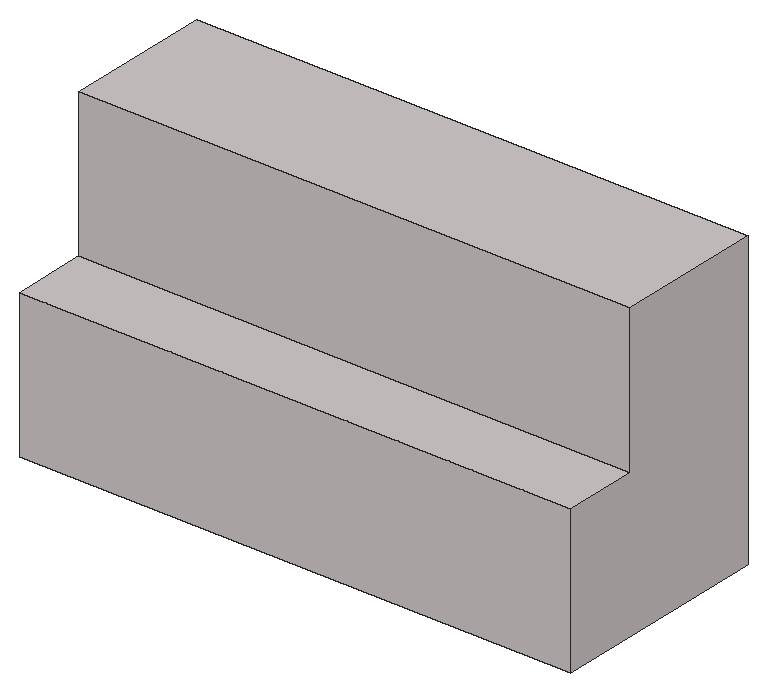
Revit family
Parameters (values of type "450 LB 600")
  시작 확장 계산 [instance] = 3012.5 mm + 시작 확장  # 3000 mm
  시작 확장 [instance] = -12.5 mm
  좌석 = 150 mm
  끝 확장 계산 [instance] = 3012.5 mm + 끝 확장  # 3000 mm
  끝 확장 [instance] = -12.5 mm
  보 재료 [instance] = 콘크리트 - 프리캐스트 콘크리트 - 35MPa
  Assembly Code = ""
  Length [instance] = 1524 mm
  b = 450 mm
  h = 600 mm
  h1 = 300 mm
Types (4, lengths in mm): name | h | h1
  (no name) | 600 | 300
  450 LB 500 | 500 | 300
  450 LB 600 | 600 | 300
  450 LB 1200 | 1200 | 800
Reference planes
  plane 1 "중심(앞/뒤)": y = 0
  plane 2: z = 0
  plane 3 "중심(왼쪽/오른쪽)": x = 4.61
  plane 4 "왼쪽 부재": x = -557.39
  plane 5 "오른쪽 부재": x = 566.61
  plane 6: y = 225
  plane 7: y = -225
  plane 8: z = 300
  plane 9 "하단": z = -300
  plane 10 "왼쪽": x = -757.39
  plane 11 "오른쪽": x = 766.61
  plane 12: x = -557.39
  plane 13: x = 566.61
  plane 14: x = 2442.61
  plane 15: x = -2433.39
Forms (mm)
  Sweep 1, solid, material "콘크리트 - 프리캐스트 콘크리트 - 35MPa" <- "보 재료"
    path origin (0, 0, 0) x (1, 0, 0) y (0, 1, 0)
      loop
        line (566.61, 0) -> (-557.39, 0)
    profile "M_L자형-프로파일 : M_L자형-프로파일" origin (4.61, 0, 0) x (0, -1, 0) y (0, 0, 1)
      loop
        line (225, -300) -> (225, 0) -> (75, 0) -> (75, 300) -> (-225, 300) -> (-225, -300) -> (225, -300)
Dimensions and locks
  "b": plane 6 to plane 7
  equal spacing: plane 9 "하단", plane 2, plane 8
  equal spacing: plane 6, plane 1 "중심(앞/뒤)", plane 7
  "h": plane 9 "하단" to plane 8
  "Length": plane 10 "왼쪽" to plane 11 "오른쪽"
  locked: plane 15 to plane 5 "오른쪽 부재" at 3000
  locked: plane 4 "왼쪽 부재" to plane 14 at 3000
  "끝 확장 계산": plane 15 to plane 13
  "시작 확장 계산": plane 12 to plane 14
  aligned and locked: Sweep 1 sketch curve to plane 1 "중심(앞/뒤)"
  aligned and locked: plane 12 to Sweep 1 sketch curve
  aligned and locked: plane 13 to Sweep 1 sketch curve
